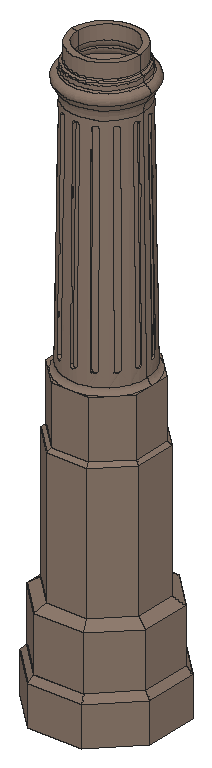
Revit family "CB2101-1", category Generic Models, Revit 2014
Parameters
  BASE = Bronze, Architectural
Reference planes (in)
  plane 1 "Center (Front/Back)": y = 0
  plane 2: z = 0
  plane 3 "Center (Left/Right)": x = 0
Forms (in)
  Revolve 1, solid, material "Bronze, Architectural" <- "BASE"
    sketch origin (0, 0, 0) x (1, 0, 0) y (0, 0, 1)
      loop
        arc (-2.70636, 22.25) -> (-2.62022, 22.44449) -> (-2.58089, 22.65352) r 0.92326
        line (-2.58089, 22.65352) -> (-2.33532, 40.08836)
        arc (-2.33532, 40.08836) -> (-2.39488, 40.59071) -> (-2.58356, 41.06009) r 1.92043
        line (-2.58356, 41.06009) -> (-2.81426, 41.51698)
        arc (-2.81426, 41.51698) -> (-2.46863, 41.69263) -> (-2.32957, 42.05453) r 0.54043
        line (-2.32957, 42.05453) -> (-2.32957, 42.22728)
        arc (-2.32957, 42.22728) -> (-2.14696, 42.42468) -> (-2.07957, 42.685) r 0.55079
        line (-2.07957, 42.685) -> (-2.07957, 43.75) -> (-2.5, 43.75) -> (-2.5, 42.685)
        arc (-2.5, 42.685) -> (-2.51267, 42.63133) -> (-2.548, 42.589) r 0.12
        line (-2.548, 42.589) -> (-2.702, 42.4735)
        arc (-2.702, 42.4735) -> (-2.73733, 42.43117) -> (-2.75, 42.3775) r 0.12
        line (-2.75, 42.3775) -> (-2.75, 42.05453)
        arc (-2.75, 42.05453) -> (-2.77623, 41.97965) -> (-2.84345, 41.9375) r 0.12
        arc (-2.84345, 41.9375) -> (-3.19739, 41.70709) -> (-3.19341, 41.28479) r 0.43918
        line (-3.19341, 41.28479) -> (-2.9496, 40.85327)
        arc (-2.9496, 40.85327) -> (-2.80223, 40.48666) -> (-2.75571, 40.09428) r 1.5
        line (-2.75571, 40.09428) -> (-3.00108, 22.67311)
        arc (-3.00108, 22.67311) -> (-3.1001, 22.41623) -> (-3.31954, 22.25) r 0.50283
        line (-3.31954, 22.25) -> (-2.70636, 22.25)
      axis (0, 43.75) -> (0, 22.25)
    angle from 0 to 360
  Extrusion 2, solid, material "Bronze, Architectural" <- "BASE"
    sketch origin (0, 1, -4.50133) x (0, -1, 0) y (1, 0, 0)
      loop
        line (2.96751, 4.75) -> (-0.96751, 4.75) -> (-3.75, 1.96751) -> (-3.75, -1.96751) -> (-0.96751, -4.75) -> (2.96751, -4.75) -> (5.75, -1.96751) -> (5.75, 1.96751) -> (2.96751, 4.75)
    from 4.50133 to 7.37633
  Extrusion 3, solid, material "Bronze, Architectural" <- "BASE"
    sketch origin (0, 5.26564, 8.04198) x (0, -1, 0) y (1, 0, 0)
      loop
        line (7.07814, 4.37576) -> (3.45314, 4.37576) -> (0.88988, 1.8125) -> (0.88988, -1.8125) -> (3.45314, -4.37576) -> (7.07814, -4.37576) -> (9.6414, -1.8125) -> (9.6414, 1.8125) -> (7.07814, 4.37576)
    from -4.66698 to -0.66698
  Extrusion 4, solid, material "Bronze, Architectural" <- "BASE"
    sketch origin (0, 13.125, 11.3253) x (0, -1, 0) y (1, 0, 0)
      loop
        line (14.625, 3.62132) -> (11.625, 3.62132) -> (9.50368, 1.5) -> (9.50368, -1.5) -> (11.625, -3.62132) -> (14.625, -3.62132) -> (16.74632, -1.5) -> (16.74632, 1.5) -> (14.625, 3.62132)
    from -3.4503 to 6.4247
  Extrusion 5, solid, material "Bronze, Architectural" <- "BASE"
    sketch origin (0, 20.6017, 18.22394) x (0, -1, 0) y (1, 0, 0)
      loop
        line (21.9767, 3.31954) -> (19.2267, 3.31954) -> (17.28216, 1.375) -> (17.28216, -1.375) -> (19.2267, -3.31954) -> (21.9767, -3.31954) -> (23.92125, -1.375) -> (23.92125, 1.375) -> (21.9767, 3.31954)
    from -0.22394 to 4.02606
  SweptBlend 6, solid, material "Bronze, Architectural" <- "BASE"
    path origin (0, 0, 0) x (1, 0, 0) y (0, 0, 1)
      loop
        line (0, 3.375) -> (0, 2.875)
    profile origin (0, 0, 3.375) x (0, -1, 0) y (1, 0, 0)
      loop
        line (1.8125, 4.37576) -> (-1.8125, 4.37576) -> (-4.37576, 1.8125) -> (-4.37576, -1.8125) -> (-1.8125, -4.37576) -> (1.8125, -4.37576) -> (4.37576, -1.8125) -> (4.37576, 1.8125) -> (1.8125, 4.37576)
    end profile origin (0, 0, 2.875) x (0, -1, 0) y (1, 0, 0)
      loop
        line (1.96751, 4.75) -> (-1.96751, 4.75) -> (-4.75, 1.96751) -> (-4.75, -1.96751) -> (-1.96751, -4.75) -> (1.96751, -4.75) -> (4.75, -1.96751) -> (4.75, 1.96751) -> (1.96751, 4.75)
  SweptBlend 7, solid, material "Bronze, Architectural" <- "BASE"
    path origin (0, 0, 0) x (1, 0, 0) y (0, 0, 1)
      loop
        line (0, 7.875) -> (0, 7.375)
    profile origin (0, 0, 7.875) x (0, -1, 0) y (1, 0, 0)
      loop
        line (1.5, 3.62132) -> (-1.5, 3.62132) -> (-3.62132, 1.5) -> (-3.62132, -1.5) -> (-1.5, -3.62132) -> (1.5, -3.62132) -> (3.62132, -1.5) -> (3.62132, 1.5) -> (1.5, 3.62132)
    end profile origin (0, 0, 7.375) x (0, -1, 0) y (1, 0, 0)
      loop
        line (1.8125, 4.37576) -> (-1.8125, 4.37576) -> (-4.37576, 1.8125) -> (-4.37576, -1.8125) -> (-1.8125, -4.37576) -> (1.8125, -4.37576) -> (4.37576, -1.8125) -> (4.37576, 1.8125) -> (1.8125, 4.37576)
  SweptBlend 8, solid, material "Bronze, Architectural" <- "BASE"
    path origin (0, 0, 0) x (1, 0, 0) y (0, 0, 1)
      loop
        line (0, 18) -> (0, 17.75)
    profile origin (0, 0, 18) x (0, -1, 0) y (1, 0, 0)
      loop
        line (1.375, 3.31954) -> (-1.375, 3.31954) -> (-3.31954, 1.375) -> (-3.31954, -1.375) -> (-1.375, -3.31954) -> (1.375, -3.31954) -> (3.31954, -1.375) -> (3.31954, 1.375) -> (1.375, 3.31954)
    end profile origin (0, 0, 17.75) x (0, -1, 0) y (1, 0, 0)
      loop
        line (1.5, 3.62132) -> (-1.5, 3.62132) -> (-3.62132, 1.5) -> (-3.62132, -1.5) -> (-1.5, -3.62132) -> (1.5, -3.62132) -> (3.62132, -1.5) -> (3.62132, 1.5) -> (1.5, 3.62132)
  Extrusion 9, void
    sketch origin (0, -0.55234, -0.04214) x (1, 0, 0) y (0, 0.017452, 0.999848)
      loop
        line (0.25, 23.76463) -> (0.25, 39.48537)
        arc (0.25, 39.48537) -> (0, 39.73537) -> (-0.25, 39.48537) r 0.25
        line (-0.25, 39.48537) -> (-0.25, 23.76463)
        arc (-0.25, 23.76463) -> (0, 23.51463) -> (0.25, 23.76463) r 0.25
    from 2.66526 to 3.06719
  Extrusion 10, void
    sketch origin (0, 0.55234, -0.04214) x (-1, 0, 0) y (0, -0.017452, 0.999848)
      loop
        line (0.25, 23.76463) -> (0.25, 39.48537)
        arc (0.25, 39.48537) -> (0, 39.73537) -> (-0.25, 39.48537) r 0.25
        line (-0.25, 39.48537) -> (-0.25, 23.76463)
        arc (-0.25, 23.76463) -> (0, 23.51463) -> (0.25, 23.76463) r 0.25
    from 2.66526 to 3.06719
  Extrusion 11, void
    sketch origin (0.23965, -0.49764, -0.04214) x (0.900969, 0.433884, 0) y (-0.007572, 0.015724, 0.999848)
      loop
        line (0.25, 23.76463) -> (0.25, 39.48537)
        arc (0.25, 39.48537) -> (0, 39.73537) -> (-0.25, 39.48537) r 0.25
        line (-0.25, 39.48537) -> (-0.25, 23.76463)
        arc (-0.25, 23.76463) -> (0, 23.51463) -> (0.25, 23.76463) r 0.25
    from 2.66526 to 3.06719
  Extrusion 12, void
    sketch origin (-0.23965, 0.49764, -0.04214) x (-0.900969, -0.433884, 0) y (0.007572, -0.015724, 0.999848)
      loop
        line (0.25, 23.76463) -> (0.25, 39.48537)
        arc (0.25, 39.48537) -> (0, 39.73537) -> (-0.25, 39.48537) r 0.25
        line (-0.25, 39.48537) -> (-0.25, 23.76463)
        arc (-0.25, 23.76463) -> (0, 23.51463) -> (0.25, 23.76463) r 0.25
    from 2.66526 to 3.06719
  Extrusion 13, void
    sketch origin (0.43184, -0.34438, -0.04214) x (0.62349, 0.781831, 0) y (-0.013645, 0.010881, 0.999848)
      loop
        line (0.25, 23.76463) -> (0.25, 39.48537)
        arc (0.25, 39.48537) -> (0, 39.73537) -> (-0.25, 39.48537) r 0.25
        line (-0.25, 39.48537) -> (-0.25, 23.76463)
        arc (-0.25, 23.76463) -> (0, 23.51463) -> (0.25, 23.76463) r 0.25
    from 2.66526 to 3.06719
  Extrusion 14, void
    sketch origin (-0.43184, 0.34438, -0.04214) x (-0.62349, -0.781831, 0) y (0.013645, -0.010881, 0.999848)
      loop
        line (0.25, 23.76463) -> (0.25, 39.48537)
        arc (0.25, 39.48537) -> (0, 39.73537) -> (-0.25, 39.48537) r 0.25
        line (-0.25, 39.48537) -> (-0.25, 23.76463)
        arc (-0.25, 23.76463) -> (0, 23.51463) -> (0.25, 23.76463) r 0.25
    from 2.66526 to 3.06719
  Extrusion 15, void
    sketch origin (0.53849, -0.12291, -0.04214) x (0.222521, 0.974928, 0) y (-0.017015, 0.003884, 0.999848)
      loop
        line (0.25, 23.76463) -> (0.25, 39.48537)
        arc (0.25, 39.48537) -> (0, 39.73537) -> (-0.25, 39.48537) r 0.25
        line (-0.25, 39.48537) -> (-0.25, 23.76463)
        arc (-0.25, 23.76463) -> (0, 23.51463) -> (0.25, 23.76463) r 0.25
    from 2.66526 to 3.06719
  Extrusion 16, void
    sketch origin (-0.53849, 0.12291, -0.04214) x (-0.222521, -0.974928, 0) y (0.017015, -0.003884, 0.999848)
      loop
        line (0.25, 23.76463) -> (0.25, 39.48537)
        arc (0.25, 39.48537) -> (0, 39.73537) -> (-0.25, 39.48537) r 0.25
        line (-0.25, 39.48537) -> (-0.25, 23.76463)
        arc (-0.25, 23.76463) -> (0, 23.51463) -> (0.25, 23.76463) r 0.25
    from 2.66526 to 3.06719
  Extrusion 17, void
    sketch origin (0.53849, 0.12291, -0.04214) x (-0.222521, 0.974928, 0) y (-0.017015, -0.003884, 0.999848)
      loop
        line (0.25, 23.76463) -> (0.25, 39.48537)
        arc (0.25, 39.48537) -> (0, 39.73537) -> (-0.25, 39.48537) r 0.25
        line (-0.25, 39.48537) -> (-0.25, 23.76463)
        arc (-0.25, 23.76463) -> (0, 23.51463) -> (0.25, 23.76463) r 0.25
    from 2.66526 to 3.06719
  Extrusion 18, void
    sketch origin (-0.53849, -0.12291, -0.04214) x (0.222521, -0.974928, 0) y (0.017015, 0.003884, 0.999848)
      loop
        line (0.25, 23.76463) -> (0.25, 39.48537)
        arc (0.25, 39.48537) -> (0, 39.73537) -> (-0.25, 39.48537) r 0.25
        line (-0.25, 39.48537) -> (-0.25, 23.76463)
        arc (-0.25, 23.76463) -> (0, 23.51463) -> (0.25, 23.76463) r 0.25
    from 2.66526 to 3.06719
  Extrusion 19, void
    sketch origin (0.43184, 0.34438, -0.04214) x (-0.62349, 0.781831, 0) y (-0.013645, -0.010881, 0.999848)
      loop
        line (0.25, 23.76463) -> (0.25, 39.48537)
        arc (0.25, 39.48537) -> (0, 39.73537) -> (-0.25, 39.48537) r 0.25
        line (-0.25, 39.48537) -> (-0.25, 23.76463)
        arc (-0.25, 23.76463) -> (0, 23.51463) -> (0.25, 23.76463) r 0.25
    from 2.66526 to 3.06719
  Extrusion 20, void
    sketch origin (-0.43184, -0.34438, -0.04214) x (0.62349, -0.781831, 0) y (0.013645, 0.010881, 0.999848)
      loop
        line (0.25, 23.76463) -> (0.25, 39.48537)
        arc (0.25, 39.48537) -> (0, 39.73537) -> (-0.25, 39.48537) r 0.25
        line (-0.25, 39.48537) -> (-0.25, 23.76463)
        arc (-0.25, 23.76463) -> (0, 23.51463) -> (0.25, 23.76463) r 0.25
    from 2.66526 to 3.06719
  Extrusion 21, void
    sketch origin (0.23965, 0.49764, -0.04214) x (-0.900969, 0.433884, 0) y (-0.007572, -0.015724, 0.999848)
      loop
        line (0.25, 23.76463) -> (0.25, 39.48537)
        arc (0.25, 39.48537) -> (0, 39.73537) -> (-0.25, 39.48537) r 0.25
        line (-0.25, 39.48537) -> (-0.25, 23.76463)
        arc (-0.25, 23.76463) -> (0, 23.51463) -> (0.25, 23.76463) r 0.25
    from 2.66526 to 3.06719
  Extrusion 22, void
    sketch origin (-0.23965, -0.49764, -0.04214) x (0.900969, -0.433884, 0) y (0.007572, 0.015724, 0.999848)
      loop
        line (0.25, 23.76463) -> (0.25, 39.48537)
        arc (0.25, 39.48537) -> (0, 39.73537) -> (-0.25, 39.48537) r 0.25
        line (-0.25, 39.48537) -> (-0.25, 23.76463)
        arc (-0.25, 23.76463) -> (0, 23.51463) -> (0.25, 23.76463) r 0.25
    from 2.66526 to 3.06719
Cuts and joins
  Extrusion 9, Extrusion 10, Extrusion 11, Extrusion 12, Extrusion 13, Extrusion 14, Extrusion 15, Extrusion 16, Extrusion 17, Extrusion 18, Extrusion 19, Extrusion 20, Extrusion 21, Extrusion 22 cuts Revolve 1
Dimensions and locks (in)
  aligned and locked: plane 2 to level
